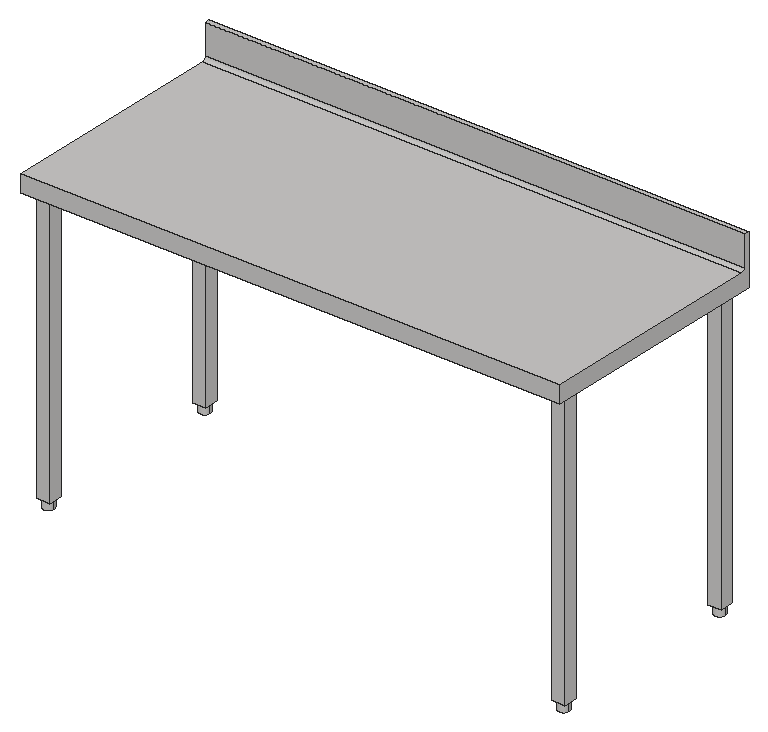
Revit family "QF_ELECTROLUXPROFESSIONAL_132848_WTD1617N", category Attrezzature speciali, Revit 2020
Family settings
  Quota connettore circolare = Usa diametro
  Tipo di parte = Normale
  Basato su piano di lavoro = No
  Sempre verticale = Sì
  Taglio con vuoti quando caricato = No
  Condiviso = No
  Punto di calcolo locali = No
Parameters (values of type "Standard")
  Weight = 55.00 kg
  Watts = 0 W
  Volts = 0 V
  URL Manufacturer = "https://www.electroluxprofessional.com/"
  URL = "https://www.electroluxprofessional.com/"
  Steam Supply Size = 0 mm
  Steam Supply Minimum Pressure = 0.0 Pa
  Steam Supply Maximum Pressure = 0.0 Pa
  Steam Consumption per Hour = 0
  Refrigeration Suction Line Size = 0.0 mm
  Refrigeration Liquid Line Size = 0.0 mm
  Refrigerant Compressor Remote = yes
  Prospetto di default = 0.0 mm
  Produttore = "Electrolux Professional"
  Phase = 0
  Modello = "WTD1617N"
  Length Actual = 1600.0 mm  # constant formula
  Item Number = "132848"
  Hot Water Size = 0 mm
  Height Actual = 900.0 mm  # constant formula
  HP = "0 HP"
  Gas Size = 0 mm
  Gas KW = 0
  Gas Input Pressure = 0 W
  Direct Waste Size = 0 mm
  Descrizione = "WORK TABLE+UPSTAND-DISASSEMBLED 1600MM"
  Depth Actual = 700.0 mm  # constant formula
  Cycle = 0 Hz
  Condensate Return Size = 0 mm
  Compressed Air Volume = 0.0 L/s
  Compressed Air Size = 0 mm
  Compressed Air Pressure = 0.0 Pa
  Cold Water Size = 0 mm
  Accessory = yes
Reference planes
  plane 1 "Center (Front/Back)": y = 0
  plane 2: z = 0
  plane 3 "Center (Left/Right)": x = -300
  plane 4 "LEFT": x = -1100
  plane 5 "RIGHT": x = 500
  plane 6 "BACK": y = 350
  plane 7 "FRONT": y = -350
  plane 8 "Base": z = 850
  plane 9 "TOP": z = 900
  plane 10: x = -1064.5
  plane 11: x = 464.5
  plane 12: y = 290
  plane 13: y = -290
Forms (mm)
  Extrusion 1, solid, material "QF_Finishes_Stainless Steel"
    sketch origin (-300, 0, 0) x (0, 1, 0) y (0, 0, 1)
      loop
        line (-350, 850) -> (350, 850) -> (350, 1000) -> (337, 1000) -> (337, 910)
        arc (337, 910) -> (334.071, 902.929) -> (327, 900) r 10
        line (327, 900) -> (-350, 900) -> (-350, 850)
    from 800 to -800
Lines and regions (mm)
  symbolic lines
    curve 1: line (500, 350, 900) -> (-1100, 350, 900)
    curve 2: line (-1100, 350, 900) -> (-1100, -350, 900)
    curve 3: line (-1100, -350, 900) -> (500, -350, 900)
    curve 4: line (500, -350, 900) -> (500, 350, 900)
    curve 5: line (500, 337, 900) -> (-1100, 337, 900)
Dimensions and locks
  plane 4 "LEFT" to plane 5 "RIGHT" = 1600.0 mm
  equal spacing: plane 4 "LEFT", plane 3 "Center (Left/Right)", plane 5 "RIGHT"
  locked: plane 8 "Base" to level at 850
  plane 4 "LEFT" to plane 10 = 35.5 mm
  plane 11 to plane 5 "RIGHT" = 35.5 mm
  plane 10 to plane 11 = 1529.0 mm
  locked: Extrusion 1 to level at 1000
  plane 9 "TOP" to level = 900.0 mm
  plane 6 "BACK" to plane 12 = 60.0 mm
  plane 13 to plane 7 "FRONT" = 60.0 mm
  plane 6 "BACK" to plane 7 "FRONT" = 700.0 mm
  plane 12 to plane 13 = 580.0 mm
  equal spacing: plane 6 "BACK", plane 1 "Center (Front/Back)", plane 7 "FRONT"
  aligned and locked: level to plane 2
  aligned and locked: plane 10 to nested 1
  aligned and locked: nested 1 to plane 13
  aligned and locked: plane 11 to nested 2
  aligned and locked: nested 2 to plane 13
  aligned and locked: plane 11 to nested 4
  aligned and locked: nested 4 to plane 12
  aligned and locked: plane 10 to nested 3
  aligned and locked: nested 3 to plane 12
  aligned and locked: Extrusion 1 to plane 4 "LEFT"
  aligned and locked: plane 5 "RIGHT" to Extrusion 1
  aligned and locked: curve 2 to plane 4 "LEFT"
Automatic sketch dimensions
  Extrusion 1 sketch curve to plane 7 "FRONT" = 0.0 mm
  Extrusion 1 sketch curve to plane 9 "TOP" = 0.0 mm
  Extrusion 1 sketch curve to plane 6 "BACK" = 0.0 mm
  Extrusion 1 sketch curve to plane 8 "Base" = 0.0 mm
  plane 9 "TOP" to Extrusion 1 sketch curve = 10.0 mm
  Extrusion 1 sketch curve to plane 6 "BACK" = 13.0 mm
  Extrusion 1 sketch curve to Extrusion 1 sketch curve = 90.0 mm
  curve 3 to plane 7 "FRONT" = 0.0 mm
  curve 5 to plane 5 "RIGHT" = 0.0 mm
  curve 4 to plane 6 "BACK" = 0.0 mm
  curve 5 to plane 6 "BACK" = 13.0 mm
Nested families
  nested 1: "FEET_40x40" at (-1064.5, -290, 0), type "FEET_40x40"
  nested 2: "FEET_40x40" at (464.5, -290, 0), type "FEET_40x40"
  nested 3: "FEET_40x40" at (-1064.5, 290, 0), type "FEET_40x40"
  nested 4: "FEET_40x40" at (464.5, 290, 0), type "FEET_40x40"
Definition of nested family "FEET_40x40"
  Parameters
    Default Elevation = 0.0 mm
    FEET = 850.0 mm
  Reference planes
    plane 1 "Center (Front/Back)": y = 0
    plane 2: z = 0
    plane 3 "Center (Left/Right)": x = 0
    plane 4: z = 850
  Forms (mm)
    Extrusion 1, solid
      sketch origin (0, 0, 0) x (1, 0, 0) y (0, 1, 0)
        loop
          line (-20, -20) -> (20, -20) -> (20, 20) -> (-20, 20) -> (-20, -20)
      from 25 to 845
    Extrusion 2, solid
      sketch origin (0, 0, 0) x (1, 0, 0) y (0, 1, 0)
        loop
          circle (0, 0) r 16
      from 0 to 25
    Extrusion 3, solid
      sketch origin (0, 0, 0) x (1, 0, 0) y (0, 1, 0)
        loop
          line (30, 30) -> (-30, 30) -> (-30, -30) -> (30, -30) -> (30, 30)
      from 845 to 850
  Lines and regions (mm)
    symbolic lines
      curve 1: line (0, -1.503, 0) -> (0, 1.508, 0)
      curve 2: line (1.561, 0, 0) -> (-1.439, 0, 0)
  Dimensions and locks
    "FEET": plane 4 to plane 2
    aligned and locked: level to plane 2
  Automatic sketch dimensions
    Extrusion 1 sketch curve to plane 3 "Center (Left/Right)" = 20.0 mm
    plane 3 "Center (Left/Right)" to Extrusion 1 sketch curve = 20.0 mm
    plane 1 "Center (Front/Back)" to Extrusion 1 sketch curve = 20.0 mm
    Extrusion 1 sketch curve to plane 1 "Center (Front/Back)" = 20.0 mm
    plane 1 "Center (Front/Back)" to Extrusion 2 sketch curve = 0.0 mm
    Extrusion 2 sketch curve to plane 3 "Center (Left/Right)" = 0.0 mm
    plane 3 "Center (Left/Right)" to Extrusion 3 sketch curve = 30.0 mm
    Extrusion 3 sketch curve to plane 1 "Center (Front/Back)" = 30.0 mm
    Extrusion 3 sketch curve to plane 3 "Center (Left/Right)" = 30.0 mm
    plane 1 "Center (Front/Back)" to Extrusion 3 sketch curve = 30.0 mm
    plane 1 "Center (Front/Back)" to curve 2 = 0.0 mm
    curve 1 to plane 3 "Center (Left/Right)" = 0.0 mm
    curve 2 to plane 3 "Center (Left/Right)" = 1.439 mm
    plane 3 "Center (Left/Right)" to curve 2 = 1.561 mm
    plane 1 "Center (Front/Back)" to curve 1 = 1.503 mm
    curve 1 to plane 1 "Center (Front/Back)" = 1.508 mm
    radius of Extrusion 2 sketch curve = 16.0 mm
